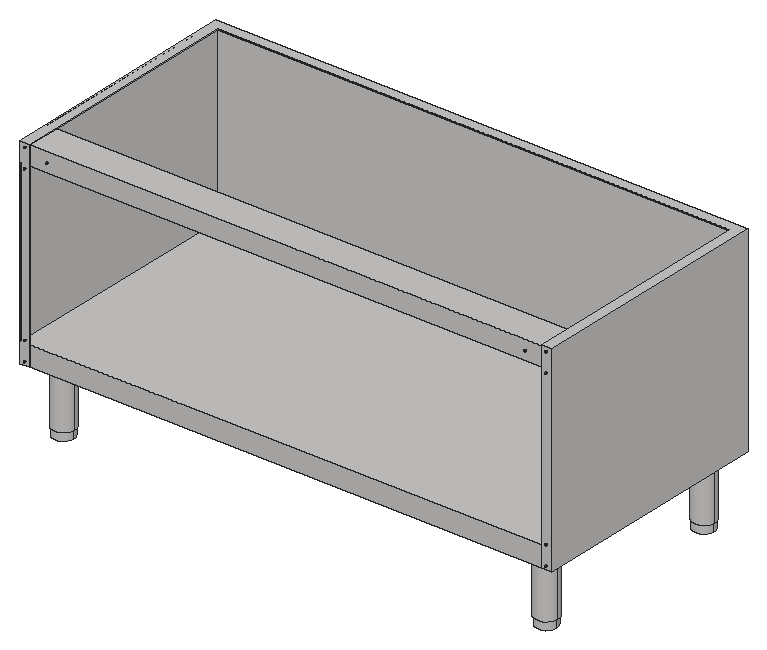
Revit family "QF_ELECTROLUXPROFESSIONAL_371114_E7BANL00O0", category Specialty Equipment, Revit 2018
Family settings
  Round Connector Dimension = Use Diameter
  Part Type = Normal
  Work Plane-Based = No
  Always vertical = Yes
  Cut with Voids When Loaded = No
  Shared = No
  Room Calculation Point = No
Parameters
  Width = 1199.00 mm  # constant formula
  Weight in Pounds = 0
  URL Cutsheet = "www.electrolux.com"
  URL = "www.electrolux.com"
  Type Mark [instance] = ""
  Status [instance] = ""
  Specification by User [instance] = ""
  Specification by Manufacturer = ""
  Serial Number = ""
  Seismic Rating = ""
  SMACNA No = ""
  Revision Code [instance] = ""
  Omniclass Number and Title = ""
  NAFEM Spec ID Number = ""
  Model = "371114"
  Masterspec = ""
  Manufacturer = "ELECTROLUX"
  Item Number [instance] = ""
  Installed By [instance] = ""
  Identify Quantity as Lot [instance] = yes
  Height = 599.00 mm  # constant formula
  Furnished By [instance] = ""
  Foodservice Equipment Identifier [instance] = yes
  Direct Waste Size = 0"
  Description = "700XP Open Base Cupboard 1- 1_2 Module"
  Depth = 554.00 mm  # constant formula
  CSI MasterFormat = ""
  CSI Master Format = ""
Reference planes
  plane 1 "BACK": y = 0
  plane 2: z = 0
  plane 3 "LEFT": x = 0
  plane 4 "RIGHT": x = 1199
  plane 5 "FRONT": y = -554
  plane 6 "TOP": z = 599
  plane 7 "Center Y": x = 599.5
  plane 8 "Center X": y = -277
  plane 9 "Base Height": z = 149
Forms (mm)
  Extrusion 1, solid, material "QF_Finishes_Stainless Steel"
    sketch origin (0, 0, 149) x (-1, 0, 0) y (0, -1, 0)
      loop
        line (0, 0) -> (0, 554) -> (-22, 554) -> (-22, 22) -> (-1177, 22) -> (-1177, 554) -> (-1199, 554) -> (-1199, 0) -> (0, 0)
    from 448.412 to 450
  Extrusion 2, solid, material "QF_Finishes_Stainless Steel"
    sketch origin (0, -554, 0) x (1, 0, 0) y (0, 0, 1)
      loop
        line (0, 597.413) -> (0, 149) -> (22, 149) -> (22, 597.413) -> (0, 597.413)
      loop
        line (1199, 149) -> (1199, 597.413) -> (1177, 597.413) -> (1177, 149) -> (1199, 149)
    from 0 to -1.59
  Extrusion 3, solid, material "QF_Finishes_Stainless Steel"
    sketch origin (0, 0, 0) x (0, 1, 0) y (0, 0, 1)
      loop
        line (-552.41, 597.413) -> (-552.41, 149) -> (0, 149) -> (0, 597.413) -> (-552.41, 597.413)
    from 0 to 1.59
  Extrusion 4, solid, material "QF_Finishes_Stainless Steel"
    sketch origin (1199, 0, 0) x (0, 1, 0) y (0, 0, 1)
      loop
        line (-552.41, 597.413) -> (-552.41, 149) -> (0, 149) -> (0, 597.413) -> (-552.41, 597.413)
    from 0 to -1.59
  Extrusion 5, solid, material "QF_Finishes_Stainless Steel"
    sketch origin (0, 0, 0) x (1, 0, 0) y (0, 0, 1)
      loop
        line (0, 597.413) -> (0, 149) -> (1199, 149) -> (1199, 597.413) -> (0, 597.413)
    from 0 to 1.59
  Extrusion 6, solid, material "QF_Finishes_Stainless Steel"
    sketch origin (0, 0, 149) x (-1, 0, 0) y (0, -1, 0)
      loop
        line (-1.59, 1.59) -> (-1.59, 552.41) -> (-1197.41, 552.41) -> (-1197.41, 1.59) -> (-1.59, 1.59)
      loop
        circle (-1152.751, 403.685) r 12.7
    from 0 to 45
  Extrusion 7, solid, material "QF_Finishes_Stainless Steel"
    sketch origin (0, 0, 0) x (0, 1, 0) y (0, 0, 1)
      loop
        line (-552.41, 597.413) -> (-552.41, 554.237) -> (-550.82, 554.237) -> (-550.82, 595.823) -> (-477.41, 595.823) -> (-477.41, 597.413) -> (-552.41, 597.413)
    from 1.59 to 1197.41
  Extrusion 8, solid, material "QF_Finishes_Stainless Steel"
    sketch origin (0, 0, 149) x (-1, 0, 0) y (0, -1, 0)
      loop
        circle (-1152.751, 403.685) r 12.7
    from -1.075 to 43.642
  Extrusion 9, solid, material "QF_Finishes_Black"
    sketch origin (399, -554, 149) x (-1, 0, 0) y (0, 0, -1)
      loop
        circle (387.615, -441.126) r 1.5
      loop
        circle (387.615, -397.951) r 1.5
      loop
        circle (387.615, -51.126) r 1.5
      loop
        circle (387.615, -7.951) r 1.5
      loop
        circle (-788.615, -441.126) r 1.5
      loop
        circle (-788.615, -397.951) r 1.5
      loop
        circle (-788.615, -51.126) r 1.5
      loop
        circle (-788.615, -7.951) r 1.5
    from 0 to 1.59
  Extrusion 10, solid, material "QF_Finishes_Black"
    sketch origin (0, -552.41, 592.413) x (0, 0, 1) y (-1, 0, 0)
      loop
        circle (-17.884, -59.72) r 1.5
      loop
        circle (-17.884, -1139.28) r 1.5
    from 0 to 1.59
  Revolve 11, solid, material "QF_Finishes_Stainless Steel"
    sketch origin (0, -499, 0) x (1, 0, 0) y (0, 0, 1)
      loop
        line (55, 0) -> (55, 149) -> (29.6, 149) -> (29.6, 19.05) -> (32.1, 19.05) -> (32.1, 0) -> (55, 0)
      axis (55, 0) -> (55, 149)
    angle from 0 to 360
  Revolve 12, solid, material "QF_Finishes_Stainless Steel"
    sketch origin (399, -499, 0) x (-1, 0, 0) y (0, 0, -1)
      loop
        line (-745, 0) -> (-767.9, 0) -> (-767.9, -19.05) -> (-770.4, -19.05) -> (-770.4, -149) -> (-745, -149) -> (-745, 0)
      axis (-745, 0) -> (-745, -149)
    angle from 0 to 360
  Revolve 13, solid, material "QF_Finishes_Stainless Steel"
    sketch origin (0, -55, 0) x (1, 0, 0) y (0, 0, -1)
      loop
        line (55, 0) -> (32.1, 0) -> (32.1, -19.05) -> (29.6, -19.05) -> (29.6, -149) -> (55, -149) -> (55, 0)
      axis (55, 0) -> (55, -149)
    angle from 0 to 360
  Revolve 14, solid, material "QF_Finishes_Stainless Steel"
    sketch origin (399, -55, 0) x (-1, 0, 0) y (0, 0, 1)
      loop
        line (-745, 0) -> (-745, 149) -> (-770.4, 149) -> (-770.4, 19.05) -> (-767.9, 19.05) -> (-767.9, 0) -> (-745, 0)
      axis (-745, 0) -> (-745, 149)
    angle from 0 to 360
Cuts and joins
  joined: Extrusion 1, Extrusion 2, Extrusion 3, Extrusion 4, Extrusion 5, Extrusion 6, Extrusion 7, Extrusion 8
Lines and regions (mm)
  symbolic lines, style "QF-Undercounter Details"
    curve 1: line (0, 0, 149) -> (1199, 0, 149)
    curve 2: line (0, -554, 149) -> (0, 0, 149)
    curve 3: line (1199, -554, 149) -> (0, -554, 149)
    curve 4: line (1199, 0, 149) -> (1199, -554, 149)
    curve 5: line (22, -477.41, 149) -> (1177, -477.41, 149)
    curve 6: line (1177, -554, 149) -> (1177, -22, 149)
    curve 7: line (1177, -22, 149) -> (22, -22, 149)
    curve 8: line (22, -22, 149) -> (22, -554, 149)
    curve 9: line (22, -22, 149) -> (0, 0, 149)
    curve 10: line (1177, -22, 149) -> (1199, 0, 149)
    curve 11: arc (1140.051, -403.685, 149) -> (1152.751, -390.985, 149) -> (1165.451, -403.685, 149) r 12.7
    curve 12: arc (1165.451, -403.685, 149) -> (1152.751, -416.385, 149) -> (1140.051, -403.685, 149) r 12.7
Dimensions and locks
  equal spacing: plane 3 "LEFT", plane 7 "Center Y", plane 4 "RIGHT"
  "Width": plane 3 "LEFT" to plane 4 "RIGHT"
  equal spacing: plane 5 "FRONT", plane 8 "Center X", plane 1 "BACK"
  "Depth": plane 5 "FRONT" to plane 1 "BACK"
  "Height": plane 6 "TOP" to level
  locked: plane 9 "Base Height" to level at 149
  aligned and locked: level to plane 2
  aligned and locked: Revolve 11 to plane 9 "Base Height"
  aligned and locked: plane 9 "Base Height" to Revolve 12
Automatic sketch dimensions
  plane 1 "BACK" to Extrusion 1 sketch curve = 0.00 mm
  Extrusion 1 sketch curve to plane 4 "RIGHT" = 0.00 mm
  plane 5 "FRONT" to Extrusion 1 sketch curve = 0.00 mm  (x2)
  Extrusion 1 sketch curve to plane 3 "LEFT" = 0.00 mm
  Extrusion 1 sketch curve to Extrusion 1 sketch curve = 22.00 mm
  plane 3 "LEFT" to Extrusion 1 sketch curve = 22.00 mm
  plane 1 "BACK" to Extrusion 1 sketch curve = 22.00 mm
  Extrusion 2 sketch curve to plane 3 "LEFT" = 0.00 mm
  Extrusion 2 sketch curve to plane 9 "Base Height" = 0.00 mm  (x2)
  Extrusion 2 sketch curve to plane 4 "RIGHT" = 0.00 mm
  plane 3 "LEFT" to Extrusion 2 sketch curve = 22.00 mm
  Extrusion 2 sketch curve to plane 4 "RIGHT" = 22.00 mm
  Extrusion 2 sketch curve to plane 6 "TOP" = 1.587 mm  (x2)
  Extrusion 3 sketch curve to plane 9 "Base Height" = 0.00 mm
  Extrusion 3 sketch curve to plane 1 "BACK" = 0.00 mm
  Extrusion 3 sketch curve to plane 5 "FRONT" = 1.59 mm
  Extrusion 3 sketch curve to plane 6 "TOP" = 1.587 mm
  Extrusion 4 sketch curve to plane 9 "Base Height" = 0.00 mm
  Extrusion 4 sketch curve to plane 1 "BACK" = 0.00 mm
  Extrusion 4 sketch curve to plane 5 "FRONT" = 1.59 mm
  Extrusion 4 sketch curve to plane 6 "TOP" = 1.587 mm
  Extrusion 5 sketch curve to plane 3 "LEFT" = 0.00 mm
  Extrusion 5 sketch curve to plane 4 "RIGHT" = 0.00 mm
  Extrusion 5 sketch curve to plane 9 "Base Height" = 0.00 mm
  Extrusion 5 sketch curve to plane 6 "TOP" = 1.587 mm
  Extrusion 6 sketch curve to Extrusion 6 sketch curve = 0.00 mm  (x2)
  Extrusion 6 sketch curve to plane 4 "RIGHT" = 1.59 mm
  Extrusion 6 sketch curve to plane 4 "RIGHT" = 33.549 mm
  Extrusion 6 sketch curve to Extrusion 6 sketch curve = 12.70 mm
  plane 3 "LEFT" to Extrusion 6 sketch curve = 1.59 mm
  plane 1 "BACK" to Extrusion 6 sketch curve = 1.59 mm
  Extrusion 6 sketch curve to plane 8 "Center X" = 126.685 mm
  Extrusion 6 sketch curve to plane 5 "FRONT" = 1.59 mm
  Extrusion 7 sketch curve to plane 5 "FRONT" = 1.59 mm
  Extrusion 7 sketch curve to Extrusion 7 sketch curve = 1.59 mm
  Extrusion 7 sketch curve to plane 6 "TOP" = 3.178 mm
  Extrusion 7 sketch curve to Extrusion 7 sketch curve = 73.41 mm
  Extrusion 7 sketch curve to Extrusion 7 sketch curve = 41.585 mm
  Extrusion 7 sketch curve to plane 6 "TOP" = 1.588 mm
  Extrusion 8 sketch curve to plane 4 "RIGHT" = 46.249 mm
  Extrusion 8 sketch curve to plane 8 "Center X" = 126.685 mm
  Extrusion 10 sketch curve to Extrusion 7 = 20.291 mm  (x2)
  Extrusion 7 to Extrusion 10 sketch curve = 58.13 mm  (x2)
  curve 11 to curve 12 = 0.00 mm  (x2)
  curve 4 to plane 4 "RIGHT" = 0.00 mm
  plane 5 "FRONT" to curve 6 = 0.00 mm
  curve 3 to plane 3 "LEFT" = 0.00 mm
  plane 1 "BACK" to curve 1 = 0.00 mm
  curve 7 to plane 4 "RIGHT" = 22.00 mm
  curve 12 to plane 4 "RIGHT" = 33.549 mm
  curve 11 to curve 12 = 12.70 mm
  plane 3 "LEFT" to curve 9 = 22.00 mm
  plane 1 "BACK" to curve 10 = 22.00 mm
  curve 12 to plane 8 "Center X" = 126.685 mm
  curve 5 to plane 5 "FRONT" = 76.59 mm
  Revolve 11 sketch curve to plane 9 "Base Height" = 0.00 mm
  Revolve 11 sketch curve to level = 0.00 mm
  plane 3 "LEFT" to Revolve 11 sketch curve = 29.60 mm
  Revolve 11 sketch curve to Revolve 11 sketch curve = 2.50 mm
  Revolve 11 sketch curve to Revolve 11 sketch curve = 25.40 mm
  Revolve 11 sketch curve to Revolve 11 sketch curve = 0.00 mm
  level to Revolve 11 sketch curve = 19.05 mm
  plane 9 "Base Height" to Revolve 11 sketch curve = 1.00 mm
  Revolve 11 sketch curve to Revolve 11 sketch curve = 20.00 mm
  Revolve 12 sketch curve to plane 9 "Base Height" = 0.00 mm
  Revolve 12 sketch curve to level = 0.00 mm
  Revolve 12 sketch curve to plane 4 "RIGHT" = 29.60 mm
  Revolve 12 sketch curve to Revolve 12 sketch curve = 2.50 mm
  Revolve 12 sketch curve to Revolve 12 sketch curve = 25.40 mm
  Revolve 12 sketch curve to Revolve 12 sketch curve = 0.00 mm
  Revolve 12 sketch curve to Revolve 12 sketch curve = 1.00 mm
  Revolve 12 sketch curve to Revolve 12 sketch curve = 20.00 mm
  level to Revolve 12 sketch curve = 19.05 mm
  Revolve 13 sketch curve to plane 9 "Base Height" = 0.00 mm
  Revolve 13 sketch curve to level = 0.00 mm
  plane 3 "LEFT" to Revolve 13 sketch curve = 29.60 mm
  Revolve 13 sketch curve to Revolve 13 sketch curve = 2.50 mm
  Revolve 13 sketch curve to Revolve 13 sketch curve = 25.40 mm
  Revolve 13 sketch curve to Revolve 13 sketch curve = 0.00 mm
  plane 9 "Base Height" to Revolve 13 sketch curve = 1.00 mm
  Revolve 13 sketch curve to Revolve 13 sketch curve = 20.00 mm
  level to Revolve 13 sketch curve = 19.05 mm
  Revolve 14 sketch curve to plane 9 "Base Height" = 0.00 mm
  Revolve 14 sketch curve to level = 0.00 mm
  Revolve 14 sketch curve to plane 4 "RIGHT" = 29.60 mm
  Revolve 14 sketch curve to Revolve 14 sketch curve = 2.50 mm
  Revolve 14 sketch curve to Revolve 14 sketch curve = 25.40 mm
  Revolve 14 sketch curve to Revolve 14 sketch curve = 0.00 mm
  level to Revolve 14 sketch curve = 19.05 mm
  Revolve 14 sketch curve to Revolve 14 sketch curve = 1.00 mm
  Revolve 14 sketch curve to Revolve 14 sketch curve = 20.00 mm
  Extrusion 9 sketch curve to Extrusion 1 = 397.286 mm
  Extrusion 1 to Extrusion 9 sketch curve = 1165.615 mm
  Extrusion 9 sketch curve to Extrusion 1 = 50.462 mm
  Extrusion 9 sketch curve to Extrusion 9 sketch curve = 0.00 mm  (x3)
  Extrusion 9 sketch curve to Extrusion 1 = 7.286 mm  (x2)
  Extrusion 9 sketch curve to Extrusion 1 = 10.615 mm  (x4)
  Extrusion 9 sketch curve to Extrusion 9 sketch curve = 43.175 mm  (x3)
  Extrusion 9 sketch curve to Extrusion 9 sketch curve = 346.825 mm
  radius of Extrusion 8 sketch curve = 12.70 mm
  radius of Extrusion 10 sketch curve = 1.50 mm  (x2)
  radius of Extrusion 9 sketch curve = 1.50 mm  (x8)
